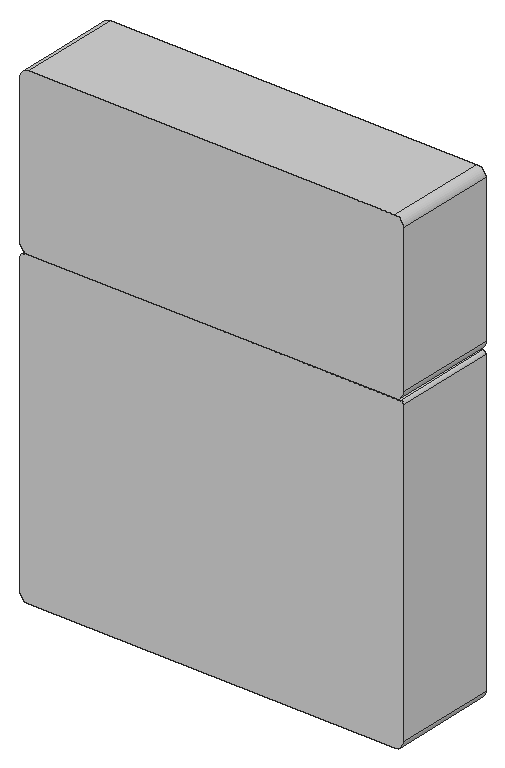
Revit family "Building-IEC309Boards-GEWISS-68QDIN-DISTRIBUTION-BOARD-20MOD_8SOCKET-OUTLETS", category Attrezzatura elettrica, host Muro, Revit 2016 (continued)
Definition of nested family "2D - QDIN20 QUADRO DISTRIB X8 PRESE IND"
  Lines and regions (mm)
    model lines, in view "Livello rif."
      curve 567: line (191.612, 71.805, 0) -> (125.856, 71.805, 0)
      curve 568: line (125.856, 71.805, 0) -> (122.977, 72.413, 0)
      curve 569: line (122.977, 72.413, 0) -> (120.819, 73.892, 0)
      curve 570: line (120.819, 73.892, 0) -> (119.249, 76.266, 0)
      curve 571: line (119.249, 76.266, 0) -> (118.733, 78.929, 0)
      curve 572: line (129.073, 160.19, 0) -> (130.371, 159.842, 0)
      curve 573: line (130.371, 159.842, 0) -> (131.322, 158.892, 0)
      curve 574: line (131.322, 158.892, 0) -> (131.669, 157.594, 0)
      curve 575: line (131.669, 157.594, 0) -> (131.322, 156.296, 0)
      curve 576: line (131.322, 156.296, 0) -> (130.371, 155.345, 0)
      curve 577: line (130.371, 155.345, 0) -> (129.073, 154.998, 0)
      curve 578: line (129.073, 154.998, 0) -> (127.775, 155.345, 0)
      curve 579: line (127.775, 155.345, 0) -> (126.825, 156.296, 0)
      curve 580: line (126.825, 156.296, 0) -> (126.477, 157.594, 0)
      curve 581: line (126.477, 157.594, 0) -> (126.825, 158.892, 0)
      curve 582: line (126.825, 158.892, 0) -> (127.775, 159.842, 0)
      curve 583: line (127.775, 159.842, 0) -> (129.073, 160.19, 0)
      curve 584: line (188.395, 78.402, 0) -> (187.097, 78.75, 0)
      curve 585: line (187.097, 78.75, 0) -> (186.146, 79.7, 0)
      curve 586: line (186.146, 79.7, 0) -> (185.798, 80.998, 0)
      curve 587: line (185.798, 80.998, 0) -> (186.146, 82.297, 0)
      curve 588: line (186.146, 82.297, 0) -> (187.097, 83.247, 0)
      curve 589: line (187.097, 83.247, 0) -> (188.395, 83.595, 0)
      curve 590: line (188.395, 83.595, 0) -> (189.693, 83.247, 0)
      curve 591: line (189.693, 83.247, 0) -> (190.643, 82.297, 0)
      curve 592: line (190.643, 82.297, 0) -> (190.991, 80.998, 0)
      curve 593: line (190.991, 80.998, 0) -> (190.643, 79.7, 0)
      curve 594: line (190.643, 79.7, 0) -> (189.693, 78.75, 0)
      curve 595: line (189.693, 78.75, 0) -> (188.395, 78.402, 0)
      curve 596: line (129.073, 78.402, 0) -> (130.371, 78.75, 0)
      curve 597: line (130.371, 78.75, 0) -> (131.322, 79.7, 0)
      curve 598: line (131.322, 79.7, 0) -> (131.669, 80.998, 0)
      curve 599: line (131.669, 80.998, 0) -> (131.322, 82.297, 0)
      curve 600: line (131.322, 82.297, 0) -> (130.371, 83.247, 0)
      curve 601: line (130.371, 83.247, 0) -> (129.073, 83.595, 0)
      curve 602: line (129.073, 83.595, 0) -> (127.775, 83.247, 0)
      curve 603: line (127.775, 83.247, 0) -> (126.825, 82.297, 0)
      curve 604: line (126.825, 82.297, 0) -> (126.477, 80.998, 0)
      curve 605: line (126.477, 80.998, 0) -> (126.825, 79.7, 0)
      curve 606: line (126.825, 79.7, 0) -> (127.775, 78.75, 0)
      curve 607: line (127.775, 78.75, 0) -> (129.073, 78.402, 0)
      curve 608: line (82.574, 160.19, 0) -> (81.276, 159.842, 0)
      curve 609: line (81.276, 159.842, 0) -> (80.326, 158.892, 0)
      curve 610: line (80.326, 158.892, 0) -> (79.978, 157.594, 0)
      curve 611: line (79.978, 157.594, 0) -> (80.326, 156.296, 0)
      curve 612: line (80.326, 156.296, 0) -> (81.276, 155.345, 0)
      curve 613: line (81.276, 155.345, 0) -> (82.574, 154.998, 0)
      curve 614: line (82.574, 154.998, 0) -> (83.873, 155.345, 0)
      curve 615: line (83.873, 155.345, 0) -> (84.823, 156.296, 0)
      curve 616: line (84.823, 156.296, 0) -> (85.171, 157.594, 0)
      curve 617: line (85.171, 157.594, 0) -> (84.823, 158.892, 0)
      curve 618: line (84.823, 158.892, 0) -> (83.873, 159.842, 0)
      curve 619: line (83.873, 159.842, 0) -> (82.574, 160.19, 0)
      curve 620: line (12.913, 78.929, 0) -> (12.913, 159.664, 0)
      curve 621: line (12.913, 159.664, 0) -> (13.429, 162.326, 0)
      curve 622: line (13.429, 162.326, 0) -> (14.999, 164.7, 0)
      curve 623: line (14.999, 164.7, 0) -> (17.157, 166.179, 0)
      curve 624: line (17.157, 166.179, 0) -> (20.036, 166.787, 0)
      curve 625: line (20.036, 166.787, 0) -> (85.791, 166.787, 0)
      curve 626: line (85.791, 166.787, 0) -> (88.67, 166.179, 0)
      curve 627: line (88.67, 166.179, 0) -> (90.828, 164.7, 0)
      curve 628: line (90.828, 164.7, 0) -> (92.398, 162.326, 0)
      curve 629: line (92.398, 162.326, 0) -> (92.914, 159.664, 0)
      curve 630: line (92.914, 159.664, 0) -> (92.914, 78.929, 0)
      curve 631: line (92.914, 78.929, 0) -> (92.398, 76.266, 0)
      curve 632: line (92.398, 76.266, 0) -> (90.828, 73.892, 0)
      curve 633: line (90.828, 73.892, 0) -> (88.67, 72.413, 0)
      curve 634: line (88.67, 72.413, 0) -> (85.791, 71.805, 0)
      curve 635: line (85.791, 71.805, 0) -> (20.036, 71.805, 0)
      curve 636: line (20.036, 71.805, 0) -> (17.157, 72.413, 0)
      curve 637: line (17.157, 72.413, 0) -> (14.999, 73.892, 0)
      curve 638: line (14.999, 73.892, 0) -> (13.429, 76.266, 0)
      curve 639: line (13.429, 76.266, 0) -> (12.913, 78.929, 0)
      curve 640: line (23.253, 160.19, 0) -> (24.551, 159.842, 0)
      curve 641: line (24.551, 159.842, 0) -> (25.501, 158.892, 0)
      curve 642: line (25.501, 158.892, 0) -> (25.849, 157.594, 0)
      curve 643: line (25.849, 157.594, 0) -> (25.501, 156.296, 0)
      curve 644: line (25.501, 156.296, 0) -> (24.551, 155.345, 0)
      curve 645: line (24.551, 155.345, 0) -> (23.253, 154.998, 0)
      curve 646: line (23.253, 154.998, 0) -> (21.955, 155.345, 0)
      curve 647: line (21.955, 155.345, 0) -> (21.004, 156.296, 0)
      curve 648: line (21.004, 156.296, 0) -> (20.657, 157.594, 0)
      curve 649: line (20.657, 157.594, 0) -> (21.004, 158.892, 0)
      curve 650: line (21.004, 158.892, 0) -> (21.955, 159.842, 0)
      curve 651: line (21.955, 159.842, 0) -> (23.253, 160.19, 0)
      curve 652: line (82.574, 78.402, 0) -> (81.276, 78.75, 0)
      curve 653: line (81.276, 78.75, 0) -> (80.326, 79.7, 0)
      curve 654: line (80.326, 79.7, 0) -> (79.978, 80.998, 0)
      curve 655: line (79.978, 80.998, 0) -> (80.326, 82.297, 0)
      curve 656: line (80.326, 82.297, 0) -> (81.276, 83.247, 0)
      curve 657: line (81.276, 83.247, 0) -> (82.574, 83.595, 0)
      curve 658: line (82.574, 83.595, 0) -> (83.873, 83.247, 0)
      curve 659: line (83.873, 83.247, 0) -> (84.823, 82.297, 0)
      curve 660: line (84.823, 82.297, 0) -> (85.171, 80.998, 0)
      curve 661: line (85.171, 80.998, 0) -> (84.823, 79.7, 0)
      curve 662: line (84.823, 79.7, 0) -> (83.873, 78.75, 0)
      curve 663: line (83.873, 78.75, 0) -> (82.574, 78.402, 0)
      curve 664: line (23.253, 78.402, 0) -> (24.551, 78.75, 0)
      curve 665: line (24.551, 78.75, 0) -> (25.501, 79.7, 0)
      curve 666: line (25.501, 79.7, 0) -> (25.849, 80.998, 0)
      curve 667: line (25.849, 80.998, 0) -> (25.501, 82.297, 0)
      curve 668: line (25.501, 82.297, 0) -> (24.551, 83.247, 0)
      curve 669: line (24.551, 83.247, 0) -> (23.253, 83.595, 0)
      curve 670: line (23.253, 83.595, 0) -> (21.955, 83.247, 0)
      curve 671: line (21.955, 83.247, 0) -> (21.004, 82.297, 0)
      curve 672: line (21.004, 82.297, 0) -> (20.657, 80.998, 0)
      curve 673: line (20.657, 80.998, 0) -> (21.004, 79.7, 0)
      curve 674: line (21.004, 79.7, 0) -> (21.955, 78.75, 0)
      curve 675: line (21.955, 78.75, 0) -> (23.253, 78.402, 0)
